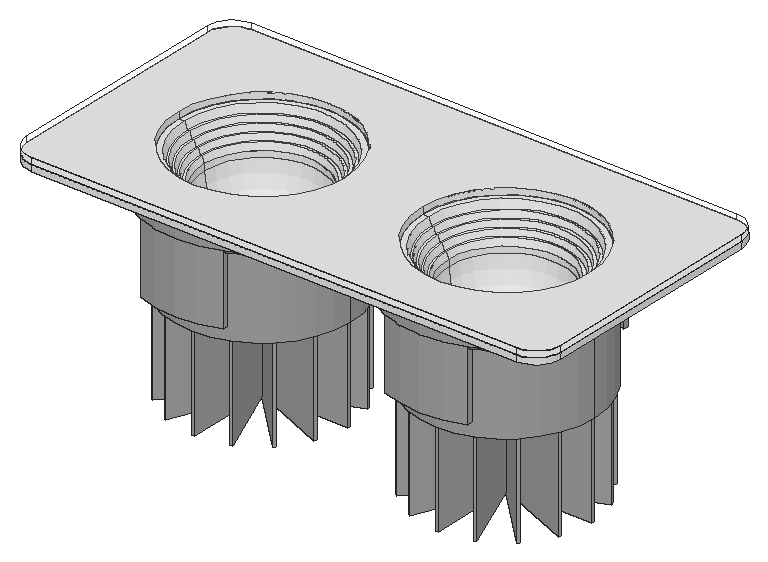
Revit family "Lighting_Fixture-Ceiling-Astro-Vetro_Twinxxx", category Lighting Fixtures, host Face, Revit 2014
Parameters (values of type "5669 Vetro Twin")
  Width = 90.00 mm
  Weight = "0.56kg"
  Wattage Comments = "2 x 10w"
  Wattage = 9.2903 W
  built-in parameter 1150110 = 1 (stored number, unit not read)
  Voltage = 230 V
  URL = "www.astrolighting.co.uk"
  Type Comments = "Dimmable if a dimmable driver is used. Cutout size to fit: 160mm x 80mm. Leave 150mm void around the product. Not suitable for covering with insulation. Requires a 350mA constant current driver, not included."
  built-in parameter 1114217 = 1 (stored number, unit not read)
  Tilt Angle = 90.00°
  built-in parameter 1150109 = 1 (stored number, unit not read)
  built-in parameter 1150134 = 3
  built-in parameter 1150113 = 1 (stored number, unit not read)
  Suitable for bathroom zone = "Zones 1, 2 and 3"
  Product Documentation = "http://www.astrolighting.co.uk/products/led-lighting/downlights/5669_Vetro-Twin"
  Photometric Web File = "5669 VETRO TWIN.ies"
  Number of Poles = 1
  Mountable on normally flammable surfaces = "Yes"
  Model = "5669 Vetro Twin"
  Manufacturer = "Astro Lighting Ltd, CM20 2DP"
  built-in parameter 1150105 = 109.82 (stored number, unit not read)
  Lumens = 1380 lm
  Luminaire Lamp Efficiency Rating = "-A"
  built-in parameter 1150115 = 1 (stored number, unit not read)
  built-in parameter 1150137 = (empty or 0)
  built-in parameter 1150139 = (empty or 0)
  Length = 175.00 mm
  built-in parameter 1150112 = 1 (stored number, unit not read)
  built-in parameter 1150114 = 1 (stored number, unit not read)
  Lamp included = "Yes"
  Lamp = "LED"
  built-in parameter 1150132 = (empty or 0)
  built-in parameter 1150102 = (empty or 0)
  built-in parameter 1150107 = 3200 (stored number, unit not read)
  built-in parameter 1150138 = (empty or 0)
  built-in parameter 1150106 = 1.0982 (stored number, unit not read)
  IP Rating = "IP65"
  Energy Efficiency Rating = ""
  Emit from Circle Diameter = 55.00 mm
  Emit Shape Visible in Rendering = no
  built-in parameter 1150104 = 13.8 (stored number, unit not read)
  Dimming Lamp Color Temperature Shift = <None>
  Dimmable = "Yes"
  Description = "Downlight"
  Default Elevation = 1219.20 mm
  Cutout Depth into Ceiling [instance] = 75.00 mm
  Color Filter = 16777215
  Class = 3
  Casing Material = Astro - Aluminium - White
  built-in parameter 1114218 = 1 (stored number, unit not read)
  built-in parameter 1150133 = 10 (stored number, unit not read)
  Manufacturer Contact = "01279 427001"
  Assembly Code = "D5020200"
  Apparent Load = 25.35 VA
Reference planes
  plane 1 "Center (Front/Back)": y = 0
  plane 2: z = 0
  plane 3 "Center (Left/Right)": x = 0
  plane 4 "Light Source Elevation": z = -26
  plane 5 "Left": x = -87.5
  plane 6 "Right": x = 87.5
  plane 7 "Front": y = 45
  plane 8 "Back": y = -45
  plane 9 "Bottom": z = 4
  plane 10 "Top": z = -71
  plane 11: z = 2
  plane 12: x = -40
  plane 13: x = 40
  plane 14: z = -33
  plane 15: z = -40
Forms (mm)
  Extrusion 1, solid, material "Astro - Glass - Clear"
    sketch origin (0, 1376.021, 4) x (0, 1, 0) y (-1, 0, 0)
      loop
        arc (-1331.021, 79.5) -> (-1333.364, 85.157) -> (-1339.021, 87.5) r 8
        line (-1339.021, 87.5) -> (-1413.021, 87.5)
        arc (-1413.021, 87.5) -> (-1418.678, 85.157) -> (-1421.021, 79.5) r 8
        line (-1421.021, 79.5) -> (-1421.021, -79.5)
        arc (-1421.021, -79.5) -> (-1418.678, -85.157) -> (-1413.021, -87.5) r 8
        line (-1413.021, -87.5) -> (-1339.021, -87.5)
        arc (-1339.021, -87.5) -> (-1333.364, -85.157) -> (-1331.021, -79.5) r 8
        line (-1331.021, -79.5) -> (-1331.021, 79.5)
    from 0 to -2
  Extrusion 2, solid, material "Astro - Aluminium - White" <- "Casing Material"
    sketch origin (0, 0, 0) x (1, 0, 0) y (0, 1, 0)
      loop
        line (79.5, 45) -> (-79.5, 45)
        arc (-79.5, 45) -> (-85.157, 42.657) -> (-87.5, 37) r 8
        line (-87.5, 37) -> (-87.5, -37)
        arc (-87.5, -37) -> (-85.157, -42.657) -> (-79.5, -45) r 8
        line (-79.5, -45) -> (79.5, -45)
        arc (79.5, -45) -> (85.157, -42.657) -> (87.5, -37) r 8
        line (87.5, -37) -> (87.5, 37)
        arc (87.5, 37) -> (85.157, 42.657) -> (79.5, 45) r 8
      loop
        circle (-40, 0) r 27.5
      loop
        circle (40, 0) r 27.5
    from 0 to 2
  Extrusion 3, void
    sketch origin (0, 0, 0) x (1, 0, 0) y (0, 1, 0)
      loop
        line (-80, 40) -> (-80, -40) -> (80, -40) -> (80, 40) -> (-80, 40)
    from -75 to 0
  Revolve 4, solid, material "Astro - Aluminium - White" <- "Casing Material"
    sketch origin (0, 0, 0) x (1, 0, 0) y (0, 0, 1)
      loop
        line (-67.5, -0.9) -> (-66.25, -0.9) -> (-65.65, -2.8) -> (-64.85, -2.8) -> (-64.25, -4.7) -> (-63.45, -4.7) -> (-62.85, -6.6) -> (-62.05, -6.6) -> (-61.45, -8.5) -> (-60.65, -8.5) -> (-60.1, -10.4) -> (-59.059, -10.4) -> (-59.696, -8.199) -> (-60.496, -8.199) -> (-61.096, -6.299) -> (-61.896, -6.299) -> (-62.496, -4.399) -> (-63.296, -4.399) -> (-63.896, -2.499) -> (-64.696, -2.499) -> (-65.486, 0) -> (-67.5, 0) -> (-67.5, -0.9)
      axis (-40, 0) -> (-40, -10.4)
    angle from 0 to 360
  Revolve 5, solid, material "Astro - Aluminium - White" <- "Casing Material"
    sketch origin (0, 0, 0) x (1, 0, 0) y (0, 0, 1)
      loop
        line (12.5, 0) -> (12.5, -0.9) -> (13.75, -0.9) -> (14.35, -2.8) -> (15.15, -2.8) -> (15.75, -4.7) -> (16.55, -4.7) -> (17.15, -6.6) -> (17.95, -6.6) -> (18.55, -8.5) -> (19.35, -8.5) -> (19.95, -10.4) -> (20.999, -10.4) -> (20.304, -8.199) -> (19.504, -8.199) -> (18.904, -6.299) -> (18.104, -6.299) -> (17.504, -4.399) -> (16.704, -4.399) -> (16.104, -2.499) -> (15.304, -2.499) -> (14.514, 0) -> (12.5, 0)
      axis (40, 0) -> (40, -10.4)
    angle from 0 to 360
  Revolve 6, solid, material "Astro - Aluminium - White" <- "Casing Material"
    sketch origin (0, 0, 0) x (1, 0, 0) y (0, 0, 1)
      loop
        line (20.999, -10.4) -> (18.126, -10.4) -> (18.126, -12.054) -> (20.036, -13.085)
        arc (20.036, -13.085) -> (22.266, -21.378) -> (27.434, -28.237) r 22.559
        arc (27.434, -28.237) -> (29.216, -28.945) -> (31.088, -29.357) r 11.849
        arc (31.088, -29.357) -> (31.839, -30.283) -> (32.254, -31.4) r 3.683
        line (32.254, -31.4) -> (40, -31.4) -> (40, -30.4) -> (33, -30.4)
        arc (33, -30.4) -> (32.386, -29.298) -> (31.5, -28.4) r 4.683
        arc (31.5, -28.4) -> (29.708, -28.048) -> (28, -27.4) r 10.849
        arc (28, -27.4) -> (23.002, -20.599) -> (20.999, -12.4) r 21.559
        line (20.999, -12.4) -> (20.999, -10.4)
      axis (40, -10.4) -> (40, -31.4)
    angle from 0 to 360
  Revolve 7, solid, material "Astro - Aluminium - White" <- "Casing Material"
    sketch origin (0, 0, 0) x (1, 0, 0) y (0, 0, 1)
      loop
        line (-59.001, -10.4) -> (-61.874, -10.4) -> (-61.874, -12.054) -> (-59.964, -13.085)
        arc (-59.964, -13.085) -> (-57.734, -21.378) -> (-52.566, -28.237) r 22.559
        arc (-52.566, -28.237) -> (-50.784, -28.945) -> (-48.912, -29.357) r 11.849
        arc (-48.912, -29.357) -> (-48.161, -30.283) -> (-47.746, -31.4) r 3.683
        line (-47.746, -31.4) -> (-40, -31.4) -> (-40, -30.4) -> (-47, -30.4)
        arc (-47, -30.4) -> (-47.614, -29.298) -> (-48.5, -28.4) r 4.683
        arc (-48.5, -28.4) -> (-50.292, -28.048) -> (-52, -27.4) r 10.849
        arc (-52, -27.4) -> (-56.998, -20.599) -> (-59.001, -12.4) r 21.559
        line (-59.001, -12.4) -> (-59.001, -10.4)
      axis (-40, -10.4) -> (-40, -31.4)
    angle from 0 to 360
  Revolve 8, solid, material "Astro - Aluminium - Anodised"
    sketch origin (0, 0, 0) x (1, 0, 0) y (0, 0, 1)
      loop
        line (-69, 0) -> (-69, -40) -> (-40, -40) -> (-40, -39) -> (-67.5, -39) -> (-67.5, 0) -> (-69, 0)
      loop
        line (-74, -11) -> (-74, 0) -> (-75.5, 0) -> (-75.5, -10.166) -> (-74.8, -11) -> (-74, -11)
      axis (-40, 0) -> (-40, -40)
    angle from 0 to 360
  Extrusion 9, solid, material "Astro - Aluminium - Anodised"
    sketch origin (0, 0, 0) x (1, 0, 0) y (0, 1, 0)
      loop
        line (-26.5, -32.833) -> (-26.5, -31.205)
        arc (-26.5, -31.205) -> (-40, -34) -> (-53.5, -31.205) r 34
        line (-53.5, -31.205) -> (-53.5, -32.833)
        arc (-53.5, -32.833) -> (-40, -35.5) -> (-26.5, -32.833) r 35.5
      loop
        arc (-53.5, 31.205) -> (-40, 34) -> (-26.5, 31.205) r 34
        line (-26.5, 31.205) -> (-26.5, 32.833)
        arc (-26.5, 32.833) -> (-40, 35.5) -> (-53.5, 32.833) r 35.5
        line (-53.5, 32.833) -> (-53.5, 31.205)
    from -33 to 0
  Revolve 10, solid, material "Astro - Aluminium - Anodised"
    sketch origin (0, 0, 0) x (1, 0, 0) y (0, 0, 1)
      loop
        line (11, 0) -> (11, -40) -> (40, -40) -> (40, -39) -> (12.5, -39) -> (12.5, 0) -> (11, 0)
      loop
        line (6, -11) -> (6, 0) -> (4.5, 0) -> (4.5, -10.166) -> (5.2, -11) -> (6, -11)
      axis (40, 0) -> (40, -40)
    angle from 0 to 360
  Extrusion 11, solid, material "Astro - Aluminium - Anodised"
    sketch origin (0, 0, 0) x (1, 0, 0) y (0, 1, 0)
      loop
        line (53.5, -32.833) -> (53.5, -31.205)
        arc (53.5, -31.205) -> (40, -34) -> (26.5, -31.205) r 34
        line (26.5, -31.205) -> (26.5, -32.833)
        arc (26.5, -32.833) -> (40, -35.5) -> (53.5, -32.833) r 35.5
      loop
        arc (26.5, 31.205) -> (40, 34) -> (53.5, 31.205) r 34
        line (53.5, 31.205) -> (53.5, 32.833)
        arc (53.5, 32.833) -> (40, 35.5) -> (26.5, 32.833) r 35.5
        line (26.5, 32.833) -> (26.5, 31.205)
    from -33 to 0
  Extrusion 12, solid, material "Astro - Aluminium - Anodised"
    sketch origin (-117.181, -4572, -40) x (-1, 0, 0) y (0, -1, 0)
      loop
        line (-156.781, -4600.3) -> (-156.781, -4574.011) -> (-146.721, -4598.299) -> (-145.982, -4597.993) -> (-156.042, -4573.705) -> (-137.453, -4592.294) -> (-136.887, -4591.728) -> (-155.477, -4573.139) -> (-131.189, -4583.199) -> (-130.883, -4582.46) -> (-155.171, -4572.4) -> (-128.881, -4572.4) -> (-128.881, -4571.6) -> (-155.171, -4571.6) -> (-130.883, -4561.54) -> (-131.189, -4560.801) -> (-155.477, -4570.861) -> (-136.887, -4552.272) -> (-137.453, -4551.706) -> (-156.042, -4570.295) -> (-145.982, -4546.007) -> (-146.721, -4545.701) -> (-156.781, -4569.989) -> (-156.781, -4543.7) -> (-157.581, -4543.7) -> (-157.581, -4569.989) -> (-167.642, -4545.701) -> (-168.381, -4546.007) -> (-158.321, -4570.295) -> (-176.91, -4551.706) -> (-177.475, -4552.272) -> (-158.886, -4570.861) -> (-183.174, -4560.801) -> (-183.48, -4561.54) -> (-159.192, -4571.6) -> (-185.481, -4571.6) -> (-185.481, -4572.4) -> (-159.192, -4572.4) -> (-183.48, -4582.46) -> (-183.174, -4583.199) -> (-158.886, -4573.139) -> (-177.475, -4591.728) -> (-176.91, -4592.294) -> (-158.321, -4573.705) -> (-168.381, -4597.993) -> (-167.642, -4598.299) -> (-157.581, -4574.011) -> (-157.581, -4600.3) -> (-156.781, -4600.3)
      loop
        line (-76.781, -4600.3) -> (-76.781, -4574.011) -> (-66.721, -4598.299) -> (-65.982, -4597.993) -> (-76.042, -4573.705) -> (-57.453, -4592.294) -> (-56.887, -4591.728) -> (-75.477, -4573.139) -> (-51.189, -4583.199) -> (-50.883, -4582.46) -> (-75.171, -4572.4) -> (-48.881, -4572.4) -> (-48.881, -4571.6) -> (-75.171, -4571.6) -> (-50.883, -4561.54) -> (-51.189, -4560.801) -> (-75.477, -4570.861) -> (-56.887, -4552.272) -> (-57.453, -4551.706) -> (-76.042, -4570.295) -> (-65.982, -4546.007) -> (-66.721, -4545.701) -> (-76.781, -4569.989) -> (-76.781, -4543.7) -> (-77.581, -4543.7) -> (-77.581, -4569.989) -> (-87.642, -4545.701) -> (-88.381, -4546.007) -> (-78.321, -4570.295) -> (-96.91, -4551.706) -> (-97.475, -4552.272) -> (-78.886, -4570.861) -> (-103.174, -4560.801) -> (-103.48, -4561.54) -> (-79.192, -4571.6) -> (-105.481, -4571.6) -> (-105.481, -4572.4) -> (-79.192, -4572.4) -> (-103.48, -4582.46) -> (-103.174, -4583.199) -> (-78.886, -4573.139) -> (-97.475, -4591.728) -> (-96.91, -4592.294) -> (-78.321, -4573.705) -> (-88.381, -4597.993) -> (-87.642, -4598.299) -> (-77.581, -4574.011) -> (-77.581, -4600.3) -> (-76.781, -4600.3)
    from -31 to 0
Cuts and joins
  joined: Revolve 8, Extrusion 9
  joined: Revolve 10, Extrusion 11
Dimensions and locks
  equal spacing: plane 5 "Left", plane 3 "Center (Left/Right)", plane 6 "Right"
  "Length": plane 5 "Left" to plane 6 "Right"
  equal spacing: plane 7 "Front", plane 1 "Center (Front/Back)", plane 8 "Back"
  "Width": plane 7 "Front" to plane 8 "Back"
  plane 9 "Bottom" to plane 2 = 4.00 mm
  plane 2 to plane 10 "Top" = 71.00 mm
  locked: plane 9 "Bottom" to plane 2 at 4
  locked: plane 11 to plane 2 at 2
  locked: plane 2 to plane 10 "Top" at 71
  plane 9 "Bottom" to plane 10 "Top" = 75.00 mm
  equal spacing: Extrusion 1 sketch curve, plane 3 "Center (Left/Right)", Extrusion 1 sketch curve  (x2)
  locked: Extrusion 1 sketch curve to Extrusion 1 sketch curve at 159  (x2)
  equal spacing: Extrusion 1 sketch curve, plane 1 "Center (Front/Back)", Extrusion 1 sketch curve  (x2)
  locked: Extrusion 1 sketch curve to Extrusion 1 sketch curve at 74  (x2)
  equal spacing: Extrusion 3 sketch curve, plane 3 "Center (Left/Right)", Extrusion 3 sketch curve
  locked: Extrusion 3 sketch curve to Extrusion 3 sketch curve at 160
  equal spacing: Extrusion 3 sketch curve, plane 1 "Center (Front/Back)", Extrusion 3 sketch curve
  locked: Extrusion 3 sketch curve to Extrusion 3 sketch curve at 80
  equal spacing: plane 12, plane 3 "Center (Left/Right)", plane 13
  locked: plane 12 to plane 13 at 80
  locked: plane 2 to plane 14 at 33
  locked: plane 2 to plane 15 at 40
  "Cutout Depth into Ceiling": plane 2 to Extrusion 3
  locked: plane 4 "Light Source Elevation" to plane 10 "Top" at 45
  aligned and locked: plane 2 to host face
  aligned and locked: level to host face
  aligned and locked: Extrusion 1 sketch curve to plane 5 "Left"
  aligned and locked: Extrusion 1 sketch curve to plane 6 "Right"
  aligned and locked: Extrusion 1 sketch curve to plane 8 "Back"
  aligned and locked: Extrusion 1 to plane 9 "Bottom"
  aligned and locked: Extrusion 1 to plane 11
  aligned and locked: Extrusion 2 sketch curve to Extrusion 1  (x4)
  aligned and locked: plane 1 "Center (Front/Back)" to Extrusion 2 sketch curve  (x2)
  aligned and locked: plane 11 to Extrusion 2
  aligned and locked: Extrusion 2 to plane 2
  aligned and locked: plane 12 to Extrusion 2 sketch curve
  aligned and locked: plane 13 to Extrusion 2 sketch curve
  aligned and locked: Revolve 4 sketch curve to plane 12
  aligned and locked: Revolve 5 sketch curve to plane 13
  aligned and locked: Revolve 5 to Revolve 6 sketch curve
  aligned and locked: Revolve 6 sketch curve to plane 13
  aligned and locked: Revolve 7 sketch curve to plane 12
  aligned and locked: Revolve 8 sketch curve to plane 12  (x2)
  aligned and locked: plane 2 to Extrusion 9
  aligned and locked: plane 2 to Extrusion 3
  aligned and locked: plane 13 to Revolve 10 sketch curve
  aligned and locked: Revolve 10 sketch curve to plane 13
  aligned and locked: plane 13 to Extrusion 11 sketch curve  (x4)
  aligned and locked: plane 1 "Center (Front/Back)" to Extrusion 11 sketch curve  (x4)
  aligned and locked: plane 1 "Center (Front/Back)" to Extrusion 9 sketch curve  (x4)
  aligned and locked: plane 12 to Extrusion 9 sketch curve  (x4)
  aligned and locked: plane 2 to Extrusion 11
  aligned and locked: Extrusion 11 to plane 14
  aligned and locked: cut or joined group of Revolve 8, Extrusion 9 to plane 14
  aligned and locked: plane 15 to Revolve 10 sketch curve
  aligned and locked: plane 15 to Revolve 8 sketch curve
  aligned and locked: Extrusion 12 to plane 10 "Top"
  aligned and locked: plane 15 to Extrusion 12
  aligned and locked: imposter light to plane 12
  aligned and locked: imposter light to plane 1 "Center (Front/Back)"
  aligned and locked: imposter light to plane 4 "Light Source Elevation"
Automatic sketch dimensions
  host sketch curve to host sketch curve = 297.002 mm
  host sketch curve to host sketch curve = 245.013 mm
  Revolve 5 sketch curve to level = 0.00 mm
  Revolve 5 sketch curve to level = 8.199 mm
  Revolve 5 sketch curve to plane 13 = 19.696 mm
  Revolve 5 sketch curve to Revolve 5 sketch curve = 0.354 mm
  Revolve 5 sketch curve to Revolve 5 sketch curve = 0.80 mm  (x8)
  Revolve 5 sketch curve to Revolve 5 sketch curve = 0.154 mm  (x4)
  Revolve 5 sketch curve to level = 6.299 mm
  Revolve 5 sketch curve to Revolve 5 sketch curve = 0.60 mm  (x3)
  Revolve 5 sketch curve to level = 6.60 mm
  Revolve 5 sketch curve to level = 4.399 mm
  Revolve 5 sketch curve to level = 4.70 mm
  Revolve 5 sketch curve to level = 2.499 mm
  Revolve 5 sketch curve to Revolve 5 sketch curve = 0.789 mm
  Revolve 5 sketch curve to level = 0.90 mm
  Revolve 5 sketch curve to Revolve 5 sketch curve = 0.764 mm
  Revolve 5 sketch curve to Revolve 5 sketch curve = 1.25 mm
  Revolve 5 sketch curve to Revolve 5 sketch curve = 0.301 mm  (x2)
  Revolve 5 sketch curve to Revolve 5 sketch curve = 1.049 mm
  Revolve 5 sketch curve to Revolve 5 sketch curve = 15.334 mm
  plane 9 "Bottom" to Revolve 5 sketch curve = 36.00 mm
  Revolve 5 sketch curve to Revolve 5 sketch curve = 1.90 mm
  Revolve 6 sketch curve to Revolve 6 sketch curve = 0.00 mm  (x6)
  Revolve 6 sketch curve to plane 13 = 0.00 mm
  Revolve 6 sketch curve to plane 13 = 7.00 mm
  Revolve 6 sketch curve to plane 13 = 7.312 mm
  Revolve 6 sketch curve to Revolve 6 sketch curve = 0.746 mm
  Revolve 6 sketch curve to Revolve 6 sketch curve = 3.615 mm
  Revolve 6 sketch curve to Revolve 6 sketch curve = 11.69 mm
  Revolve 6 sketch curve to Revolve 6 sketch curve = 0.962 mm
  Revolve 6 sketch curve to Revolve 6 sketch curve = 2.872 mm
  plane 13 to Revolve 6 sketch curve = 2.538 mm
  Revolve 6 sketch curve to Revolve 6 sketch curve = 4.531 mm
  Revolve 6 sketch curve to Revolve 6 sketch curve = 12.784 mm
  Revolve 6 sketch curve to Revolve 6 sketch curve = 1.00 mm
  Revolve 6 sketch curve to Revolve 6 sketch curve = 0.708 mm
  Revolve 6 sketch curve to Revolve 6 sketch curve = 0.685 mm
  Revolve 6 sketch curve to Revolve 6 sketch curve = 1.654 mm
  Revolve 6 sketch curve to level = 11.48 mm
  Revolve 6 sketch curve to Revolve 6 sketch curve = 1.50 mm
  Revolve 6 sketch curve to Revolve 6 sketch curve = 0.412 mm
  Revolve 6 sketch curve to Revolve 6 sketch curve = 0.566 mm
  Revolve 6 sketch curve to Revolve 6 sketch curve = 5.459 mm
  Revolve 6 sketch curve to Revolve 6 sketch curve = 6.059 mm
  Revolve 4 sketch curve to level = 0.00 mm
  Revolve 4 sketch curve to level = 8.199 mm
  Revolve 4 sketch curve to plane 12 = 19.696 mm
  Revolve 4 sketch curve to Revolve 4 sketch curve = 0.404 mm
  Revolve 4 sketch curve to Revolve 4 sketch curve = 0.80 mm  (x8)
  Revolve 4 sketch curve to Revolve 4 sketch curve = 0.154 mm  (x4)
  Revolve 4 sketch curve to Revolve 4 sketch curve = 0.60 mm  (x3)
  Revolve 4 sketch curve to level = 8.50 mm
  Revolve 4 sketch curve to level = 6.60 mm
  Revolve 4 sketch curve to level = 4.399 mm
  Revolve 4 sketch curve to level = 2.499 mm
  Revolve 4 sketch curve to level = 4.70 mm
  Revolve 4 sketch curve to Revolve 4 sketch curve = 0.789 mm
  Revolve 4 sketch curve to level = 0.90 mm
  Revolve 4 sketch curve to Revolve 4 sketch curve = 0.764 mm
  Revolve 4 sketch curve to Revolve 4 sketch curve = 1.25 mm
  Revolve 4 sketch curve to Revolve 4 sketch curve = 1.90 mm
  Revolve 4 sketch curve to Revolve 4 sketch curve = 0.301 mm  (x2)
  Revolve 4 sketch curve to Revolve 4 sketch curve = 1.041 mm
  Revolve 4 sketch curve to level = 21.326 mm
  plane 9 "Bottom" to Revolve 4 sketch curve = 8.755 mm
  Revolve 7 sketch curve to Revolve 7 sketch curve = 0.00 mm  (x6)
  Revolve 7 sketch curve to plane 12 = 0.00 mm
  Revolve 7 sketch curve to Revolve 7 sketch curve = 7.00 mm
  Revolve 7 sketch curve to plane 12 = 7.312 mm
  Revolve 7 sketch curve to Revolve 7 sketch curve = 0.746 mm
  Revolve 7 sketch curve to Revolve 7 sketch curve = 3.615 mm
  Revolve 7 sketch curve to Revolve 7 sketch curve = 11.69 mm
  Revolve 7 sketch curve to level = 13.085 mm
  Revolve 7 sketch curve to Revolve 7 sketch curve = 0.962 mm
  Revolve 7 sketch curve to Revolve 7 sketch curve = 2.872 mm
  plane 12 to Revolve 7 sketch curve = 2.538 mm
  Revolve 7 sketch curve to Revolve 7 sketch curve = 4.531 mm
  Revolve 7 sketch curve to Revolve 7 sketch curve = 12.784 mm
  Revolve 7 sketch curve to Revolve 7 sketch curve = 1.00 mm
  Revolve 7 sketch curve to Revolve 7 sketch curve = 0.708 mm
  Revolve 7 sketch curve to Revolve 7 sketch curve = 0.685 mm
  Revolve 7 sketch curve to Revolve 7 sketch curve = 1.031 mm
  Revolve 7 sketch curve to level = 11.48 mm
  Revolve 7 sketch curve to Revolve 7 sketch curve = 2.00 mm
  Revolve 7 sketch curve to Revolve 7 sketch curve = 1.50 mm
  Revolve 7 sketch curve to Revolve 7 sketch curve = 0.412 mm
  Revolve 7 sketch curve to Revolve 7 sketch curve = 2.307 mm
  Revolve 7 sketch curve to Revolve 7 sketch curve = 8.074 mm
  Revolve 8 sketch curve to level = 0.00 mm  (x2)
  plane 5 "Left" to Revolve 8 sketch curve = 20.00 mm
  Revolve 8 sketch curve to Revolve 8 sketch curve = 1.50 mm
  Revolve 8 sketch curve to Revolve 8 sketch curve = 5.00 mm
  Revolve 8 sketch curve to Revolve 8 sketch curve = 0.80 mm
  Revolve 8 sketch curve to Revolve 8 sketch curve = 0.70 mm
  Revolve 8 sketch curve to level = 10.166 mm
  Revolve 8 sketch curve to Revolve 8 sketch curve = 0.834 mm
  Revolve 8 sketch curve to Revolve 8 sketch curve = 1.00 mm
  Revolve 8 sketch curve to Revolve 8 sketch curve = 18.255 mm
  Revolve 8 sketch curve to Revolve 8 sketch curve = 4.469 mm
  Revolve 10 sketch curve to level = 0.00 mm  (x2)
  plane 3 "Center (Left/Right)" to Revolve 10 sketch curve = 12.50 mm
  Revolve 10 sketch curve to Revolve 10 sketch curve = 1.50 mm  (x2)
  Revolve 10 sketch curve to Revolve 10 sketch curve = 5.00 mm
  Revolve 10 sketch curve to Revolve 10 sketch curve = 0.80 mm
  Revolve 10 sketch curve to level = 10.166 mm
  Revolve 10 sketch curve to Revolve 10 sketch curve = 0.834 mm
  Revolve 10 sketch curve to Revolve 10 sketch curve = 1.00 mm
  Revolve 10 sketch curve to Revolve 10 sketch curve = 7.903 mm
  plane 10 "Top" to Revolve 10 sketch curve = 9.556 mm
  Extrusion 11 sketch curve to plane 13 = 13.50 mm  (x2)
  plane 13 to Extrusion 11 sketch curve = 13.50 mm  (x2)
  plane 8 "Back" to Extrusion 11 sketch curve = 13.795 mm
  Extrusion 11 sketch curve to Extrusion 11 sketch curve = 1.628 mm  (x2)
  Extrusion 11 sketch curve to plane 7 "Front" = 13.795 mm
  Extrusion 9 sketch curve to plane 12 = 13.50 mm  (x2)
  plane 12 to Extrusion 9 sketch curve = 13.50 mm  (x2)
  plane 8 "Back" to Extrusion 9 sketch curve = 13.795 mm
  Extrusion 9 sketch curve to Extrusion 9 sketch curve = 1.628 mm  (x2)
  Extrusion 9 sketch curve to plane 7 "Front" = 13.795 mm
  Extrusion 12 sketch curve to plane 1 "Center (Front/Back)" = 0.40 mm  (x4)
  Extrusion 12 sketch curve to plane 6 "Right" = 19.20 mm
  Extrusion 12 sketch curve to Extrusion 12 sketch curve = 2.001 mm  (x10)
  Extrusion 12 sketch curve to plane 1 "Center (Front/Back)" = 11.199 mm  (x3)
  Extrusion 12 sketch curve to Extrusion 12 sketch curve = 0.306 mm  (x11)
  plane 1 "Center (Front/Back)" to Extrusion 12 sketch curve = 11.199 mm  (x3)
  Extrusion 12 sketch curve to Extrusion 12 sketch curve = 5.699 mm  (x12)
  Extrusion 12 sketch curve to Extrusion 12 sketch curve = 0.566 mm  (x20)
  Extrusion 12 sketch curve to Extrusion 12 sketch curve = 8.529 mm  (x12)
  Extrusion 12 sketch curve to Extrusion 12 sketch curve = 0.739 mm  (x12)
  plane 13 to Extrusion 12 sketch curve = 2.011 mm
  plane 1 "Center (Front/Back)" to Extrusion 12 sketch curve = 0.40 mm  (x4)
  Extrusion 12 sketch curve to Extrusion 12 sketch curve = 0.00 mm  (x5)
  Extrusion 12 sketch curve to plane 1 "Center (Front/Back)" = 1.139 mm  (x2)
  plane 1 "Center (Front/Back)" to Extrusion 12 sketch curve = 1.139 mm  (x2)
  plane 13 to Extrusion 12 sketch curve = 0.40 mm  (x2)
  Extrusion 12 sketch curve to plane 13 = 0.40 mm  (x2)
  Extrusion 12 sketch curve to Extrusion 12 sketch curve = 10.06 mm  (x4)
  plane 1 "Center (Front/Back)" to Extrusion 12 sketch curve = 10.46 mm  (x2)
  Extrusion 12 sketch curve to plane 1 "Center (Front/Back)" = 10.46 mm  (x2)
  Extrusion 12 sketch curve to plane 3 "Center (Left/Right)" = 11.70 mm
  plane 12 to Extrusion 12 sketch curve = 2.011 mm
  plane 12 to Extrusion 12 sketch curve = 0.40 mm  (x2)
  Extrusion 12 sketch curve to plane 12 = 0.40 mm  (x2)
  radius of Extrusion 2 sketch curve = 27.50 mm  (x2)
Nested families
  nested 1: "Vetro Twin ies" at (40, 0, -26.148), type "Vetro Twin ies"
Connectors
  electrical at (-40, 0, -71), driven by "Number of Poles", driven by "Voltage", driven by "Apparent Load"
    settings: on Extrusion 12, index 1, voltage 230 V, apparent load 0 VA, apparent load phase1 25.35 VA, apparent load phase2 0 VA, apparent load phase3 0 VA, power factor 1, load classification "Other", number of poles 1, system type 31, power factor state 1, is connector primary yes, connector utility no, sub classification motor no, connector description ""
Definition of nested family "Vetro Twin ies"
  Parameters (values of type "Vetro Twin ies")
    Wattage = 9.2903 W
    built-in parameter 1150110 = 1 (stored number, unit not read)
    built-in parameter 1114217 = 1 (stored number, unit not read)
    Tilt Angle = 90.00°
    built-in parameter 1150109 = 1 (stored number, unit not read)
    built-in parameter 1150134 = 3
    built-in parameter 1150113 = 1 (stored number, unit not read)
    Photometric Web File = "5669 VETRO TWIN.ies"
    built-in parameter 1150105 = 109.82 (stored number, unit not read)
    Lumens = 1380 lm
    built-in parameter 1150115 = 1 (stored number, unit not read)
    built-in parameter 1150137 = (empty or 0)
    built-in parameter 1150139 = (empty or 0)
    built-in parameter 1150112 = 1 (stored number, unit not read)
    built-in parameter 1150114 = 1 (stored number, unit not read)
    built-in parameter 1150132 = (empty or 0)
    built-in parameter 1150102 = (empty or 0)
    built-in parameter 1150107 = 3200 (stored number, unit not read)
    built-in parameter 1150138 = (empty or 0)
    built-in parameter 1150106 = 1.0982 (stored number, unit not read)
    Emit from Circle Diameter = 55.00 mm
    Emit Shape Visible in Rendering = no
    built-in parameter 1150104 = 13.8 (stored number, unit not read)
    Dimming Lamp Color Temperature Shift = (empty or 0)
    Color Filter = 16777215
    built-in parameter 1114218 = 1 (stored number, unit not read)
    built-in parameter 1150133 = 10 (stored number, unit not read)
  Reference planes
    plane 1 "Center (Front/Back)": y = 0
    plane 2: z = 0
    plane 3 "Center (Left/Right)": x = 0
  Dimensions and locks
    aligned and locked: level to plane 2
